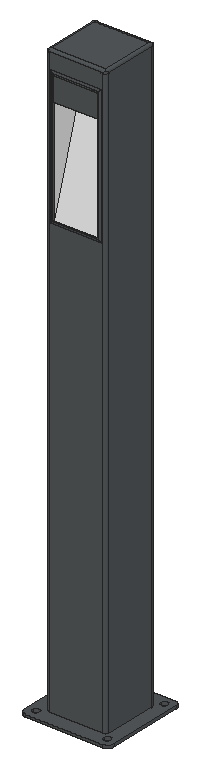
Revit family "svetilnik_alfresco_ar deko_dtu19", category Lighting Fixtures, Revit 2016 (continued)
Definition of nested family "Источник света Ар_Деко"
  Types (5, lengths in mm): name | Photometric Web File | built-in parameter 1150142
    4 | "DTU19ArDeco16w.ies" | "IESNA:LM-63-1995\r\n[TEST] alf\r\n[MANUFAC] Alfresco\r\n[LUMCAT]  \r\n[LUMINAIRE] Ar Deco LED 16Âò 4000K\r\n[LAMPCAT] LED\r\n[LAMP] 1000 lm, 8 W\r\n[OTHER] \r\n[MORE] \r\nTILT=NONE\r\n1 1000 1 181 144 1 2 0.200 0.230 0.100\r\n1.0 1.0 16\r\n   0.0   1.0   2.0   3.0   4.0   5.0   6.0   7.0   8.0   9.0  10.0  11.0  12.0\r\n  13.0  14.0  15.0  16.0  17.0  18.0  19.0  20.0  21.0  22.0  23.0  24.0  25.0\r\n  26.0  27.0  28.0  29.0  30.0  31.0  32.0  33.0  34.0  35.0  36.0  37.0  38.0\r\n  39.0  40.0  41.0  42.0  43.0  44.0  45.0  46.0  47.0  48.0  49.0  50.0  51.0\r\n  52.0  53.0  54.0  55.0  56.0  57.0  58.0  59.0  60.0  61.0  62.0  63.0  64.0\r\n  65.0  66.0  67.0  68.0  69.0  70.0  71.0  72.0  73.0  74.0  75.0  76.0  77.0\r\n  78.0  79.0  80.0  81.0  82.0  83.0  84.0  85.0  86.0  87.0  88.0  89.0  90.0\r\n  91.0  92.0  93.0  94.0  95.0  96.0  97.0  98.0  99.0 100.0 101.0 102.0 103.0\r\n 104.0 105.0 106.0 107.0 108.0 109.0 110.0 111.0 112.0 113.0 114.0 115.0 116.0\r\n 117.0 118.0 119.0 120.0 121.0 122.0 123.0 124.0 125.0 126.0 127.0 128.0 129.0\r\n 130.0 131.0 132.0 133.0 134.0 135.0 136.0 137.0 138.0 139.0 140.0 141.0 142.0\r\n 143.0 144.0 145.0 146.0 147.0 148.0 149.0 150.0 151.0 152.0 153.0 154.0 155.0\r\n 156.0 157.0 158.0 159.0 160.0 161.0 162.0 163.0 164.0 165.0 166.0 167.0 168.0\r\n 169.0 170.0 171.0 172.0 173.0 174.0 175.0 176.0 177.0 178.0 179.0 180.0\r\n   0.0   2.5   5.0   7.5  10.0  12.5  15.0  17.5  20.0  22.5  25.0  27.5  30.0\r\n  32.5  35.0  37.5  40.0  42.5  45.0  47.5  50.0  52.5  55.0  57.5  60.0  62.5\r\n  65.0  67.5  70.0  72.5  75.0  77.5  80.0  82.5  85.0  87.5  90.0  92.5  95.0\r\n  97.5 100.0 102.5 105.0 107.5 110.0 112.5 115.0 117.5 120.0 122.5 125.0 127.5\r\n 130.0 132.5 135.0 137.5 140.0 142.5 145.0 147.5 150.0 152.5 155.0 157.5 160.0\r\n 162.5 165.0 167.5 170.0 172.5 175.0 177.5 180.0 182.5 185.0 187.5 190.0 192.5\r\n 195.0 197.5 200.0 202.5 205.0 207.5 210.0 212.5 215.0 217.5 220.0 222.5 225.0\r\n 227.5 230.0 232.5 235.0 237.5 240.0 242.5 245.0 247.5 250.0 252.5 255.0 257.5\r\n 260.0 262.5 265.0 267.5 270.0 272.5 275.0 277.5 280.0 282.5 285.0 287.5 290.0\r\n 292.5 295.0 297.5 300.0 302.5 305.0 307.5 310.0 312.5 315.0 317.5 320.0 322.5\r\n 325.0 327.5 330.0 332.5 335.0 337.5 340.0 342.5 345.0 347.5 350.0 352.5 355.0\r\n 357.5\r\n       0.0       0.0       0.3       0.2       0.3       0.2       0.2       0.2\r\n       0.3       0.4       0.3       0.6      42.2     117.1     170.7     214.2\r\n     258.7     319.6     369.3     451.0     520.0     533.0     535.9     537.3\r\n     538.1     538.9     540.3     540.7     541.3     539.5     539.1     541.1\r\n     537.8     538.1     538.0     534.4     536.2     536.2     536.0     534.2\r\n     534.6     534.5     531.1     526.4     523.8     518.6     512.4     510.6\r\n     507.9     508.0     504.1     496.7     479.1     456.8     426.3     398.5\r\n     375.1     358.5     344.5     328.6     309.2     299.3     289.2     271.3\r\n     255.6     247.7     236.6     219.3     199.9     188.8     177.4     168.0\r\n     146.3     133.2     112.5      99.6      89.3      71.8      54.9      33.8\r\n      15.4       2.2       0.4       0.3       0.3       0.3       0.3       0.3\r\n       0.3       0.3       0.3       0.3       0.3       0.3       0.3       0.3\r\n       0.3       0.3       0.3       0.3       0.3       0.3       0.3       0.3\r\n       0.3       0.3       0.3       0.3       0.3       0.3       0.3       0.3\r\n       0.3       0.3       0.4       0.3       0.3       0.3       0.3       0.3\r\n       0.3       0.3       0.3       0.3       0.3       0.3       0.3       0.3\r\n       0.3       0.3       0.3       0.3       0.4       0.3       0.3       0.3\r\n       0.3       0.3       0.3       0.3       0.3       0.3       0.3       0.4\r\n       0.3       0.4       0.3       0.3       0.4       0.4       0.3       0.3\r\n       0.3       0.3       0.4       0.4       0.4       0.3       0.4       0.3\r\n       0.4       0.3       0.3       0.3       0.3       0.3       0.3       0.3\r\n       0.3       0.3       0.3       0.2       0.1       0.1       0.1       0.1\r\n       0.1       0.1       0.0       0.0       0.0\r\n       0.0       0.0       0.3       0.2       0.3       0.2       0.2       0.2\r\n       0.3       0.4       0.3       0.5      41.0     117.7     171.3     215.4\r\n     260.8     325.4     378.6     456.3     517.0     532.5     531.2     530.6\r\n     533.8     535.4     537.1     536.8     539.4     539.8     540.8     537.7\r\n     538.8     539.1     536.6     538.5     538.5     534.2     532.0     530.3\r\n     527.0     525.0     524.0     520.7     516.4     516.6     521.3     520.7\r\n     515.6     508.0     502.8     491.4     475.0     452.1     422.1     394.1\r\n     372.7     356.3     342.1     325.4     311.5     302.9     290.4     269.2\r\n     249.8     239.8     231.4     216.1     200.7     190.4     184.1     168.2\r\n     151.5     134.0     110.8      93.3      87.5      70.4      51.7      31.3\r\n      11.2       1.4       0.3       0.2       0.3       0.3       0.2       0.3\r\n       0.3       0.3       0.3       0.3       0.3       0.3       0.3       0.3\r\n       0.3       0.3       0.3       0.3       0.3       0.3       0.3       0.3\r\n       0.3       0.3       0.3       0.3       0.3       0.3       0.3       0.3\r\n       0.3       0.3       0.3       0.3       0.3       0.3       0.3       0.3\r\n       0.3       0.3       0.3       0.3       0.3       0.3       0.3       0.3\r\n       0.3       0.3       0.3       0.3       0.3       0.3       0.3       0.3\r\n       0.3       0.3       0.3       0.3       0.3       0.3       0.3       0.3\r\n       0.3       0.3       0.3       0.3       0.3       0.3       0.3       0.3\r\n       0.3       0.3       0.3       0.3       0.3       0.3       0.3       0.3\r\n       0.3       0.3       0.3       0.3       0.3       0.3       0.3       0.3\r\n       0.3       0.3       0.3       0.2       0.1       0.1       0.1       0.1\r\n       0.1       0.1       0.0       0.0       0.0\r\n       0.0       0.0       0.3       0.2       0.3       0.2       0.2       0.2\r\n       0.3       0.4       0.3       0.5      37.1     116.6     171.3     213.0\r\n     256.4     316.4     371.9     447.1     517.9     530.3     527.4     530.0\r\n     532.0     533.4     534.7     538.3     537.7     537.7     539.1     537.0\r\n     539.6     538.7     536.7     536.3     535.7     535.0     531.7     528.4\r\n     525.6     522.4     519.0     519.8     521.5     516.3     509.2     504.6\r\n     499.6     497.0     491.2     484.9     473.6     454.6     426.7     394.4\r\n     372.6     354.1     339.1     322.1     304.7     296.7     285.9     264.5\r\n     250.2     241.4     232.9     222.3     204.4     193.5     181.5     167.0\r\n     144.6     128.3     108.2      97.8      87.7      72.8      54.3      33.6\r\n      13.7       2.0       0.3       0.3       0.3       0.3       0.3       0.3\r\n       0.3       0.3       0.3       0.3       0.3       0.3       0.3       0.3\r\n       0.3       0.3       0.3       0.3       0.3       0.3       0.3       0.3\r\n       0.3       0.3       0.3       0.3       0.3       0.3       0.3       0.3\r\n       0.3       0.3       0.3       0.3       0.3       0.3       0.3       0.3\r\n       0.3       0.3       0.3       0.3       0.3       0.3       0.3       0.3\r\n       0.3       0.3       0.3       0.3       0.3       0.2       0.3       0.2\r\n       0.3       0.3       0.3       0.3       0.3       0.3       0.3       0.3\r\n       0.3       0.3       0.3       0.3       0.3       0.3       0.3       0.3\r\n       0.3       0.3       0.3       0.3       0.3       0.3       0.3       0.3\r\n       0.3       0.3       0.3       0.3       0.3       0.3       0.3       0.3\r\n       0.3       0.3       0.3       0.2       0.1       0.1       0.1       0.1\r\n       0.1       0.1       0.0       0.0       0.0\r\n       0.0       0.0       0.3       0.2       0.3       0.2       0.2       0.2\r\n       0.3       0.4       0.3       0.4      31.5     112.4     168.7     208.9\r\n     248.4     300.9     354.4     425.2     517.9     531.8     530.2     529.9\r\n     530.6     536.5     536.2     538.3     536.7     539.1     540.4     539.2\r\n     537.9     531.5     533.7     529.8     525.5     525.8     526.8     527.4\r\n     527.9     526.1     524.3     519.1     514.8     507.6     503.3     501.5\r\n     500.6     497.9     490.3     484.7     474.8     447.6     417.2     391.8\r\n     365.8     347.7     336.4     320.2     303.1     292.4     281.7     264.5\r\n     248.6     241.5     230.1     215.3     197.6     185.6     180.3     164.6\r\n     145.8     129.7     111.5      94.4      87.2      71.8      52.4      30.0\r\n       9.8       1.8       0.3       0.2       0.2       0.2       0.2       0.2\r\n       0.2       0.2       0.2       0.2       0.2       0.2       0.2       0.2\r\n       0.2       0.2       0.2       0.2       0.2       0.2       0.2       0.2\r\n       0.2       0.2       0.2       0.2       0.2       0.2       0.2       0.2\r\n       0.2       0.2       0.2       0.2       0.2       0.2       0.2       0.3\r\n       0.2       0.2       0.2       0.3       0.3       0.2       0.2       0.2\r\n       0.2       0.2       0.2       0.2       0.2       0.2       0.2       0.3\r\n       0.3       0.3       0.3       0.3       0.3       0.3       0.3       0.3\r\n       0.3       0.3       0.3       0.3       0.3       0.3       0.3       0.3\r\n       0.3       0.3       0.3       0.3       0.3       0.3       0.3       0.3\r\n       0.3       0.3       0.3       0.3       0.3       0.3       0.3       0.3\r\n       0.3       0.3       0.3       0.2       0.1       0.1       0.1       0.1\r\n       0.1       0.1       0.0       0.0       0.0\r\n       0.0       0.0       0.3       0.2       0.3       0.2       0.2       0.2\r\n       0.3       0.4       0.3       0.4      24.8     106.4     163.6     206.3\r\n     243.7     291.4     344.2     412.1     509.4     531.4     536.1     533.0\r\n     534.5     532.9     533.5     534.3     531.7     535.9     534.5     534.5\r\n     533.7     536.8     533.2     532.0     529.5     529.5     526.3     520.8\r\n     518.4     513.6     509.1     504.7     501.3     500.4     500.1     498.3\r\n     494.3     492.8     492.5     486.7     472.0     455.7     428.9     397.0\r\n     373.1     355.6     342.6     322.3     305.8     298.4     287.7     272.8\r\n     252.2     238.0     232.3     218.8     200.2     187.3     178.3     166.9\r\n     148.8     131.4     112.9      98.6      86.1      72.1      52.4      35.6\r\n      14.2       2.5       0.3       0.2       0.2       0.2       0.2       0.2\r\n       0.2       0.2       0.2       0.2       0.2       0.2       0.2       0.2\r\n       0.2       0.2       0.2       0.2       0.2       0.2       0.2       0.2\r\n       0.2       0.2       0.2       0.2       0.2       0.2       0.2       0.2\r\n       0.2       0.2       0.2       0.2       0.2       0.2       0.2       0.2\r\n       0.2       0.2       0.2       0.2       0.2       0.2       0.2       0.2\r\n       0.2       0.2       0.2       0.2       0.2       0.2       0.2       0.2\r\n       0.2       0.2       0.2       0.3       0.3       0.3       0.3       0.3\r\n       0.3       0.2       0.3       0.3       0.3       0.3       0.3       0.3\r\n       0.3       0.2       0.3       0.3       0.3       0.3       0.3       0.3\r\n       0.3       0.3       0.3       0.3       0.3       0.3       0.3       0.3\r\n       0.3       0.3       0.3       0.2       0.1       0.1       0.1       0.1\r\n       0.1       0.1       0.0       0.0       0.0\r\n       0.0       0.0       0.3       0.2       0.3       0.2       0.2       0.2\r\n       0.3       0.3       0.3       0.4      17.1      98.3     157.9     203.3\r\n     243.5     288.8     341.5     399.2     498.2     531.6     536.5     539.6\r\n     536.4     535.9     534.9     534.3     537.2     534.7     532.7     533.5\r\n     531.0     532.8     532.9     531.4     529.8     523.6     521.7     518.2\r\n     512.8     512.5     514.0     513.7     510.4     508.2     506.0     498.4\r\n     492.2     489.1     485.6     482.1     471.4     456.6     430.8     403.0\r\n     372.4     350.6     337.0     324.2     306.0     294.1     282.4     263.5\r\n     245.0     237.5     228.3     216.6     199.1     184.5     174.7     163.3\r\n     145.1     131.5     113.4      96.6      84.9      69.5      52.7      30.9\r\n      11.2       1.5       0.2       0.2       0.2       0.2       0.2       0.2\r\n       0.2       0.2       0.2       0.2       0.2       0.2       0.2       0.2\r\n       0.2       0.2       0.2       0.2       0.2       0.2       0.2       0.2\r\n       0.2       0.2       0.2       0.2       0.2       0.2       0.2       0.2\r\n       0.2       0.2       0.2       0.2       0.2       0.2       0.2       0.2\r\n       0.2       0.2       0.2       0.2       0.2       0.2       0.2       0.2\r\n       0.2       0.2       0.2       0.2       0.2       0.2       0.2       0.2\r\n       0.2       0.2       0.2       0.2       0.2       0.2       0.3       0.2\r\n       0.2       0.2       0.2       0.3       0.2       0.3       0.3       0.2\r\n       0.3       0.3       0.3       0.3       0.3       0.3       0.3       0.3\r\n       0.3       0.3       0.3       0.3       0.3       0.3       0.3       0.3\r\n       0.3       0.3       0.3       0.2       0.1       0.1       0.1       0.1\r\n       0.1       0.1       0.0       0.0       0.0\r\n       0.0       0.0       0.3       0.2       0.3       0.2       0.2       0.2\r\n       0.3       0.3       0.3       0.3      10.3      87.0     151.7     196.3\r\n     240.3     285.3     341.4     390.0     481.8     528.6     532.2     535.8\r\n     537.8     534.6     535.8     536.9     531.3     531.2     531.1     530.2\r\n     530.5     528.0     526.8     526.7     526.2     527.2     525.7     523.0\r\n     522.0     521.3     519.5     512.2     509.3     506.1     499.4     493.6\r\n     491.7     489.9     484.0     481.1     477.4     461.1     435.9     406.7\r\n     376.0     357.7     343.1     328.4     309.8     294.8     284.4     275.9\r\n     255.3     241.5     231.8     221.0     201.3     186.3     177.9     166.5\r\n     151.5     131.3     114.1      94.6      84.8      75.3      57.0      38.1\r\n      17.3       3.9       0.3       0.2       0.2       0.2       0.2       0.2\r\n       0.2       0.2       0.2       0.2       0.2       0.2       0.2       0.2\r\n       0.2       0.2       0.2       0.2       0.2       0.2       0.2       0.2\r\n       0.2       0.2       0.2       0.2       0.2       0.2       0.2       0.2\r\n       0.2       0.2       0.2       0.2       0.2       0.2       0.2       0.2\r\n       0.2       0.2       0.2       0.2       0.2       0.2       0.2       0.2\r\n       0.2       0.2       0.2       0.2       0.2       0.2       0.2       0.2\r\n       0.2       0.2       0.2       0.2       0.2       0.2       0.2       0.2\r\n       0.2       0.2       0.2       0.2       0.2       0.2       0.2       0.3\r\n       0.2       0.3       0.3       0.2       0.3       0.2       0.3       0.2\r\n       0.3       0.3       0.3       0.3       0.3       0.3       0.3       0.3\r\n       0.3       0.3       0.3       0.2       0.1       0.1       0.1       0.1\r\n       0.1       0.1       0.0       0.0       0.0\r\n       0.0       0.0       0.3       0.2       0.3       0.2       0.2       0.2\r\n       0.3       0.3       0.3       0.3       5.6      74.0     142.7     185.2\r\n     227.7     273.3     331.6     380.2     456.3     516.8     525.8     527.5\r\n     529.4     529.3     531.3     530.5     530.9     531.4     533.3     533.4\r\n     529.7     529.5     529.1     528.6     524.5     522.5     521.5     523.8\r\n     519.8     515.4     510.4     509.3     510.5     504.9     496.0     496.7\r\n     495.8     485.4     481.7     478.5     470.5     458.7     435.0     404.8\r\n     378.5     352.6     336.8     324.0     302.7     289.1     279.9     268.3\r\n     250.2     234.6     224.6     215.6     198.0     184.8     177.1
           168.2\r\n     148.5     131.1     112.8      92.9      83.8      71.8      53.2      32.4\r\n      14.6       2.9       0.3       0.2       0.2       0.2       0.2       0.2\r\n       0.2       0.2       0.2       0.2       0.2       0.2       0.2       0.2\r\n       0.2       0.2       0.2       0.2       0.2       0.2       0.2       0.2\r\n       0.2       0.2       0.2       0.2       0.2       0.2       0.2       0.2\r\n       0.2       0.2       0.2       0.2       0.2       0.2       0.2       0.2\r\n       0.2       0.2       0.2       0.2       0.2       0.2       0.2       0.2\r\n       0.2       0.2       0.2       0.2       0.2       0.2       0.2       0.2\r\n       0.2       0.2       0.2       0.2       0.2       0.2       0.2       0.2\r\n       0.2       0.2       0.2       0.2       0.2       0.2       0.2       0.2\r\n       0.2       0.2       0.2       0.2       0.2       0.2       0.2       0.2\r\n       0.2       0.2       0.3       0.3       0.3       0.3       0.3       0.3\r\n       0.3       0.2       0.3       0.2       0.1       0.1       0.1       0.1\r\n       0.1       0.1       0.0       0.0       0.0\r\n       0.0       0.0       0.3       0.2       0.3       0.2       0.2       0.2\r\n       0.2       0.3       0.3       0.3       3.0      57.8     131.2     175.8\r\n     213.9     254.2     309.6     361.5     426.3     496.4     518.3     521.6\r\n     522.0     526.5     528.8     527.3     530.1     530.1     527.9     528.1\r\n     529.6     526.1     525.1     523.4     523.8     521.6     519.7     517.2\r\n     510.9     512.1     510.7     505.4     500.1     500.7     500.9     495.3\r\n     491.0     489.0     484.7     473.8     466.1     457.6     442.3     420.5\r\n     390.4     360.6     339.4     324.4     309.2     294.8     282.2     270.2\r\n     253.6     236.1     225.6     220.7     207.6     187.4     175.1     164.9\r\n     150.6     131.6     116.0      97.2      85.2      73.7      59.6      42.3\r\n      20.7       4.6       0.6       0.2       0.2       0.2       0.2       0.2\r\n       0.2       0.2       0.2       0.2       0.2       0.2       0.2       0.2\r\n       0.2       0.2       0.2       0.2       0.2       0.2       0.2       0.2\r\n       0.2       0.2       0.2       0.2       0.2       0.2       0.2       0.2\r\n       0.2       0.2       0.2       0.2       0.2       0.2       0.2       0.2\r\n       0.2       0.2       0.2       0.2       0.2       0.2       0.2       0.2\r\n       0.2       0.2       0.2       0.2       0.2       0.2       0.2       0.2\r\n       0.2       0.2       0.2       0.2       0.2       0.2       0.2       0.2\r\n       0.2       0.2       0.2       0.2       0.2       0.2       0.2       0.2\r\n       0.2       0.2       0.2       0.2       0.2       0.2       0.2       0.2\r\n       0.2       0.2       0.3       0.3       0.3       0.3       0.3       0.3\r\n       0.3       0.2       0.2       0.2       0.1       0.1       0.1       0.1\r\n       0.1       0.1       0.0       0.0       0.0\r\n       0.0       0.0       0.3       0.2       0.3       0.2       0.2       0.2\r\n       0.2       0.3       0.3       0.3       1.6      39.6     116.9     167.7\r\n     204.9     239.5     287.5     343.8     402.9     479.9     517.1     516.6\r\n     519.4     523.2     523.0     523.6     523.4     524.0     522.8     521.7\r\n     522.0     522.2     521.9     522.1     521.8     519.6     518.8     515.6\r\n     516.6     512.9     511.5     509.2     505.1     500.1     495.2     490.9\r\n     488.2     483.0     478.7     473.7     468.9     461.8     447.7     422.6\r\n     393.9     365.1     342.3     324.4     311.4     292.9     280.4     272.3\r\n     258.8     239.3     223.7     215.5     206.0     186.9     173.0     163.6\r\n     147.2     129.9     113.1      96.6      82.6      73.5      59.7      39.4\r\n      21.3       3.1       0.3       0.2       0.2       0.2       0.2       0.2\r\n       0.2       0.2       0.2       0.2       0.2       0.2       0.2       0.2\r\n       0.2       0.2       0.2       0.2       0.2       0.2       0.2       0.2\r\n       0.2       0.2       0.2       0.2       0.2       0.2       0.2       0.2\r\n       0.2       0.2       0.2       0.2       0.2       0.2       0.2       0.2\r\n       0.2       0.2       0.2       0.2       0.2       0.2       0.2       0.2\r\n       0.2       0.2       0.2       0.2       0.2       0.2       0.2       0.2\r\n       0.2       0.2       0.2       0.2       0.2       0.2       0.2       0.2\r\n       0.2       0.2       0.2       0.2       0.2       0.2       0.2       0.2\r\n       0.2       0.2       0.2       0.2       0.2       0.2       0.2       0.2\r\n       0.2       0.2       0.2       0.2       0.2       0.3       0.3       0.3\r\n       0.3       0.2       0.2       0.2       0.1       0.1       0.1       0.1\r\n       0.1       0.1       0.0       0.0       0.0\r\n       0.0       0.0       0.3       0.2       0.2       0.2       0.1       0.1\r\n       0.2       0.3       0.3       0.3       0.8      24.4      98.1     155.5\r\n     197.5     231.7     271.0     326.4     379.4     449.5     511.6     519.7\r\n     520.4     522.0     522.0     524.0     524.2     522.1     525.8     522.8\r\n     522.7     520.4     520.4     519.3     520.3     519.2     516.3     512.7\r\n     510.1     508.6     505.0     502.2     498.2     496.8     493.5     487.8\r\n     481.2     476.8     475.1     469.4     462.9     458.2     450.1     432.8\r\n     407.9     374.0     346.2     326.5     311.5     296.7     279.6     267.5\r\n     258.5     243.5     226.3     214.7     205.7     188.7     172.0     163.4\r\n     152.6     135.9     120.9     106.4      89.0      76.8      60.2      42.1\r\n      21.9       6.7       1.0       0.2       0.2       0.2       0.2       0.2\r\n       0.2       0.2       0.2       0.2       0.2       0.2       0.2       0.2\r\n       0.2       0.2       0.2       0.2       0.2       0.2       0.2       0.2\r\n       0.2       0.2       0.2       0.2       0.2       0.2       0.2       0.2\r\n       0.2       0.2       0.2       0.2       0.2       0.2       0.2       0.2\r\n       0.2       0.2       0.2       0.2       0.2       0.2       0.2       0.2\r\n       0.2       0.2       0.2       0.2       0.2       0.2       0.2       0.2\r\n       0.2       0.2       0.2       0.2       0.2       0.2       0.2       0.2\r\n       0.2       0.2       0.2       0.2       0.2       0.2       0.2       0.2\r\n       0.2       0.2       0.2       0.2       0.2       0.2       0.2       0.2\r\n       0.2       0.2       0.2       0.2       0.2       0.3       0.3       0.3\r\n       0.3       0.2       0.2       0.2       0.1       0.1       0.1       0.1\r\n       0.1       0.1       0.0       0.0       0.0\r\n       0.0       0.0       0.3       0.2       0.2       0.1       0.1       0.1\r\n       0.2       0.3       0.3       0.3       0.4      12.8      75.6     139.3\r\n     184.5     221.9     257.5     307.2     359.1     425.9     491.7     520.2\r\n     521.2     519.3     520.9     520.9     520.0     518.8     518.9     518.1\r\n     516.0     516.9     513.6     512.2     510.0     509.2     508.0     507.5\r\n     504.7     502.8     498.6     498.8     493.5     488.2     485.7     479.7\r\n     479.5     474.0     467.7     459.3     455.2     448.4     441.6     427.0\r\n     409.5     386.2     359.5     333.6     313.4     297.2     277.5     262.9\r\n     256.2     242.3     223.5     210.3     200.2     187.1     172.0     159.0\r\n     149.0     135.2     114.9      99.9      81.8      73.6      61.0      45.9\r\n      25.8       9.6       0.6       0.2       0.2       0.2       0.2       0.2\r\n       0.2       0.2       0.2       0.2       0.2       0.2       0.2       0.2\r\n       0.2       0.2       0.2       0.2       0.2       0.2       0.2       0.2\r\n       0.2       0.2       0.2       0.2       0.2       0.2       0.2       0.2\r\n       0.2       0.2       0.2       0.2       0.2       0.2       0.2       0.2\r\n       0.2       0.2       0.2       0.2       0.2       0.2       0.2       0.2\r\n       0.2       0.2       0.2       0.2       0.2       0.2       0.2       0.2\r\n       0.2       0.2       0.2       0.2       0.2       0.2       0.2       0.2\r\n       0.2       0.2       0.2       0.2       0.2       0.2       0.2       0.2\r\n       0.2       0.2       0.2       0.2       0.2       0.2       0.2       0.2\r\n       0.2       0.2       0.2       0.2       0.2       0.3       0.3       0.3\r\n       0.3       0.2       0.2       0.2       0.1       0.1       0.1       0.1\r\n       0.1       0.1       0.0       0.0       0.0\r\n       0.0       0.0       0.3       0.2       0.2       0.1       0.1       0.1\r\n       0.2       0.3       0.3       0.3       0.3       5.2      51.5     120.8\r\n     166.9     206.4     243.7     285.3     335.3     390.7     465.9     512.5\r\n     520.0     518.1     517.4     517.9     519.2     516.1     513.0     513.7\r\n     513.5     513.6     511.7     508.8     502.8     504.8     501.6     501.9\r\n     500.6     495.0     488.6     485.0     484.3     484.3     476.8     474.7\r\n     473.9     467.6     462.5     459.8     451.6     444.8     439.7     429.0\r\n     413.1     391.0     362.7     336.9     316.9     300.0     284.3     268.8\r\n     253.6     240.8     222.8     207.8     198.8     189.8     173.2     158.0\r\n     149.7     138.9     121.7     104.0      85.7      73.0      63.0      46.5\r\n      28.9      10.6       1.5       0.2       0.2       0.2       0.2       0.2\r\n       0.2       0.2       0.2       0.2       0.2       0.2       0.2       0.2\r\n       0.2       0.2       0.2       0.2       0.2       0.2       0.2       0.2\r\n       0.2       0.2       0.2       0.2       0.2       0.2       0.2       0.2\r\n       0.2       0.2       0.2       0.2       0.2       0.2       0.2       0.2\r\n       0.2       0.2       0.2       0.2       0.2       0.2       0.2       0.2\r\n       0.2       0.2       0.2       0.2       0.2       0.2       0.2       0.2\r\n       0.2       0.2       0.2       0.2       0.2       0.2       0.2       0.2\r\n       0.2       0.2       0.2       0.2       0.2       0.2       0.2       0.2\r\n       0.2       0.2       0.2       0.2       0.2       0.2       0.2       0.2\r\n       0.2       0.2       0.2       0.2       0.2       0.2       0.3       0.3\r\n       0.3       0.2       0.2       0.2       0.1       0.1       0.1       0.1\r\n       0.1       0.1       0.0       0.0       0.0\r\n       0.0       0.0       0.3       0.2       0.2       0.1       0.1       0.1\r\n       0.2       0.3       0.3       0.3       0.2       2.0      29.2      96.4\r\n     148.8     190.1     226.0     262.2     306.3     356.1     424.8     486.5\r\n     515.6     514.6     514.5     510.8     510.1     512.6     511.6     508.2\r\n     507.1     506.4     505.1     503.3     503.2     497.2     497.1     493.3\r\n     491.6     490.2     489.0     486.3     480.9     476.9     475.0     470.7\r\n     463.8     460.1     452.6     450.4     447.5     444.0     437.7     429.1\r\n     416.0     397.4     374.0     344.9     324.5     305.6     288.9     266.9\r\n     255.9     243.2     231.3     214.4     201.9     192.3     177.4     160.8\r\n     147.2     133.6     120.7     102.5      87.6      71.5      61.0      50.6\r\n      33.3      15.1       2.6       0.2       0.2       0.2       0.2       0.2\r\n       0.2       0.2       0.2       0.2       0.2       0.2       0.2       0.2\r\n       0.2       0.2       0.2       0.2       0.2       0.2       0.2       0.2\r\n       0.2       0.2       0.2       0.2       0.2       0.2       0.2       0.2\r\n       0.2       0.2       0.2       0.2       0.2       0.2       0.2       0.2\r\n       0.2       0.2       0.2       0.2       0.2       0.2       0.2       0.2\r\n       0.2       0.2       0.2       0.2       0.2       0.2       0.2       0.2\r\n       0.2       0.2       0.2       0.2       0.2       0.2       0.2       0.2\r\n       0.2       0.2       0.2       0.2       0.2       0.2       0.2       0.2\r\n       0.2       0.2       0.2       0.2       0.2       0.2       0.2       0.2\r\n       0.2       0.2       0.2       0.2       0.2       0.2       0.2       0.3\r\n       0.3       0.2       0.2       0.2       0.1       0.1       0.1       0.1\r\n       0.1       0.1       0.0       0.0       0.0\r\n       0.0       0.0       0.3       0.2       0.2       0.1       0.1       0.1\r\n       0.2       0.3       0.3       0.2       0.2       0.8      12.2      68.4\r\n     127.8     171.5     207.5     241.0     280.9     323.6     377.4     445.8\r\n     499.9     511.4     513.9     510.9     509.2     507.1     508.8     505.4\r\n     503.2     501.3     500.9     501.3     497.2     495.2     489.0     487.4\r\n     482.5     479.5     479.6     476.7     473.8     469.8     465.6     465.3\r\n     460.3     452.3     448.6     439.3     433.5     426.9     420.0     416.8\r\n     410.0     399.0     377.6     351.9     324.1     297.9     286.6     272.5\r\n     253.2     238.1     228.5     211.1     194.4     184.3     174.8     160.3\r\n     146.1     134.7     123.8     104.8      91.5      73.2      63.4      49.4\r\n      35.9      16.1       3.6       0.3       0.2       0.2       0.2       0.2\r\n       0.2       0.2       0.2       0.2       0.2       0.2       0.2       0.2\r\n       0.2       0.2       0.2       0.2       0.2       0.2       0.2       0.2\r\n       0.2       0.2       0.2       0.2       0.2       0.2       0.2       0.2\r\n       0.2       0.2       0.2       0.2       0.2       0.2       0.2       0.2\r\n       0.2       0.2       0.2       0.2       0.2       0.2       0.2       0.2\r\n       0.2       0.2       0.2       0.2       0.2       0.2       0.2       0.2\r\n       0.2       0.2       0.2       0.2       0.2       0.2       0.2       0.2\r\n       0.2       0.2       0.2       0.2       0.2       0.2       0.2       0.2\r\n       0.2       0.2       0.2       0.2       0.2       0.2       0.2       0.2\r\n       0.2       0.2       0.2       0.2       0.2       0.2       0.2       0.3\r\n       0.3       0.2       0.2       0.2       0.1       0.1       0.1       0.1\r\n       0.1       0.1       0.0       0.0       0.0\r\n       0.0       0.0       0.3       0.2       0.2       0.1       0.1       0.1\r\n       0.2       0.3       0.3       0.2       0.2       0.3       3.5      41.9\r\n      99.2     149.7     186.9     222.5     255.2     293.4     338.2     394.3\r\n     458.3     500.9     504.8     507.9     505.3     506.1     502.2     501.3\r\n     500.2     496.1     492.9     490.6     490.4     484.3     484.9     482.2\r\n     477.7     476.7     471.1     466.6     467.5     464.6     460.3     449.2\r\n     447.5     446.3     437.9     434.1     429.6     426.5     420.9     411.6\r\n     406.0     396.4     382.7     363.1     334.8     306.9     283.8     269.9\r\n     252.8     239.7     226.7     215.5     198.0     182.7     172.3     159.6\r\n     145.2     134.4     122.3     106.7      89.6      75.0      62.9      53.5\r\n      40.2      22.5       4.4       0.7       0.2       0.2       0.2       0.2\r\n       0.2       0.2       0.2       0.2       0.2       0.2       0.2       0.2\r\n       0.2       0.2       0.2       0.2       0.2       0.2       0.2       0.2\r\n       0.2       0.2       0.2       0.2       0.2       0.2       0.2       0.2\r\n       0.2       0.2       0.2       0.2       0.2       0.2       0.2       0.2\r\n       0.2       0.2       0.2       0.2       0.2       0.2       0.2       0.2\r\n       0.2       0.2       0.2       0.2       0.2       0.2       0.2       0.2\r\n       0.2       0.2       0.2       0.2       0.2       0.2       0.2       0.2\r\n       0.2       0.2       0.2       0.2       0.2       0.2       0.2       0.2\r\n       0.2       0.2       0.2       0.2       0.2       0.2       0.2       0.2\r\n       0.2       0.2       0.2       0.2       0.2       0.2       0.2       0.2\r\n       0.3       0.2       0.2       0.2       0.1       0.1       0.1       0.1\r\n       0.1       0.1       0.0       0.0       0.0\r\n       0.0       0.0  
